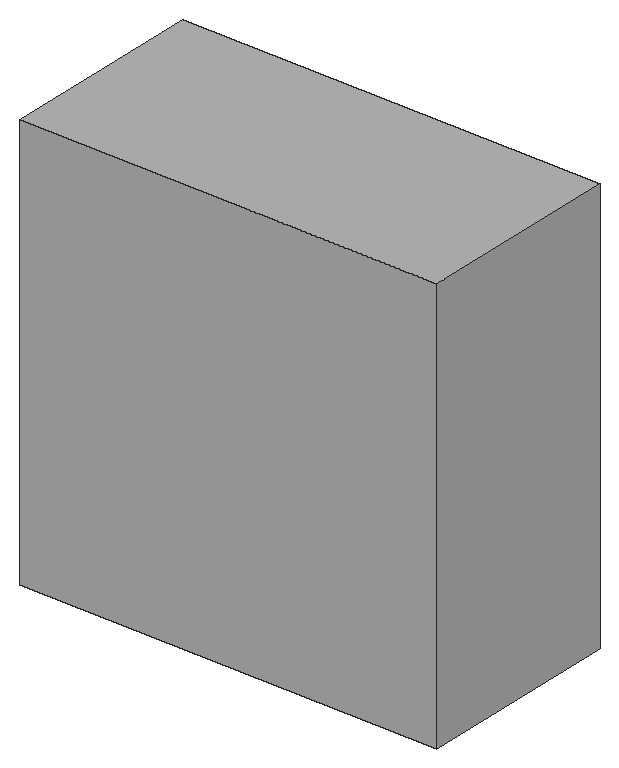
Revit family "215x440x440mm Padstone -PS125", category Generic Models, Revit 2020
Family settings
  Can host rebar = No
  Round Connector Dimension = Use Diameter
  Part Type = Normal
  Work Plane-Based = No
  Always vertical = Yes
  Cut with Voids When Loaded = No
  Shared = No
  Room Calculation Point = No
Parameters
  Weight = "100Kg"
  Warranty Guarantor Parts = "n/a"
  Warranty Guarantor Labour = "n/a"
  Warranty Duration Unit = "n/a"
  Warranty Duration Parts = "n/a"
  Warranty Duration Labour = "n/a"
  Warranty Description = "n/a"
  Unit Width [instance] = 215 mm
  Unit Length [instance] = 440 mm
  Unit Height [instance] = 440 mm
  URL = "www.killeshal.com"
  Types = "Single"
  Type Comments = "Visit our website for a full list of available products."
  Sustainability Performance = "n/a"
  Structural Class = "n/a"
  Span = "Length."
  Slope = "0.00°"
  Size = "215 Wide x 440 High x 440mm Long."
  Shape = "As per drawing"
  Service Life = "0.000000"
  Serial Number = "n/a"
  Resistance to Fire = "n/a"
  Replacement Cost = "n/a"
  Reference = "n/a"
  Notified Body = "n/a"
  Nominal Cover to Main Bar = "n/a"
  Model = "P/125 Padstone."
  Mechanical Resistance = "n/a"
  Manufacturer = "Killeshal Precast Concrete Ltd."
  Load Bearing = yes
  Life Cycle Environmental Load = "n/a"
  Length Options = "Stock sizes available. Custom sizes made to order."
  Keynote = "The information contained is the sole property of KPC Ltd., any reproduction in part or whole without permission of KPC Ltd. is prohibited."
  Environmental Product Declaration = "n/a"
  Environmental Class = "n/a"
  Durability against Corrosion = "n/a"
  Dimension Accuracy Class = "n/a"
  Detailing = "As per design specification and product drawings."
  Description = "Padstone 215 x 440 x 440mm."
  Default Elevation = 0 mm
  Dangerous Substances = "n/a"
  Contact Tel = "0035357 9353018"
  Contact Email = "sales@killeshal.com"
  Construction Type = "Precast"
  Construction Tolerance Class = "n/a"
  Compressive Strength of Concrete = "40N/mm²"
  Characteristics of Reinforcing Steel = "n/a"
  Characteristics Deflection Under Load = "n/a"
Reference planes
  plane 1 "Center (Front/Back)": y = 0
  plane 2: z = 0
  plane 3 "Center (Left/Right)": x = 0
  plane 4 "Rear": y = 107.5
  plane 5 "Front": y = -107.5
  plane 6 "Top": z = 440
Forms (mm)
  Extrusion 1, solid, material "Precast Concrete (KPC)"
    sketch origin (0, 0, 0) x (0, 1, 0) y (0, 0, 1)
      loop
        line (107.5, 0) -> (107.5, 440) -> (-107.5, 440) -> (-107.5, 0) -> (107.5, 0)
    from 0 to 440
Dimensions and locks
  "Unit Length": Extrusion 1 to Extrusion 1
  "Unit Width": Extrusion 1 to Extrusion 1
  "Unit Height": Extrusion 1 to Extrusion 1
  aligned and locked: level to plane 2
Automatic sketch dimensions
  Extrusion 1 sketch curve to level = 0 mm
  Extrusion 1 sketch curve to plane 5 "Front" = 0 mm
  Extrusion 1 sketch curve to plane 4 "Rear" = 0 mm
  Extrusion 1 sketch curve to plane 6 "Top" = 0 mm
